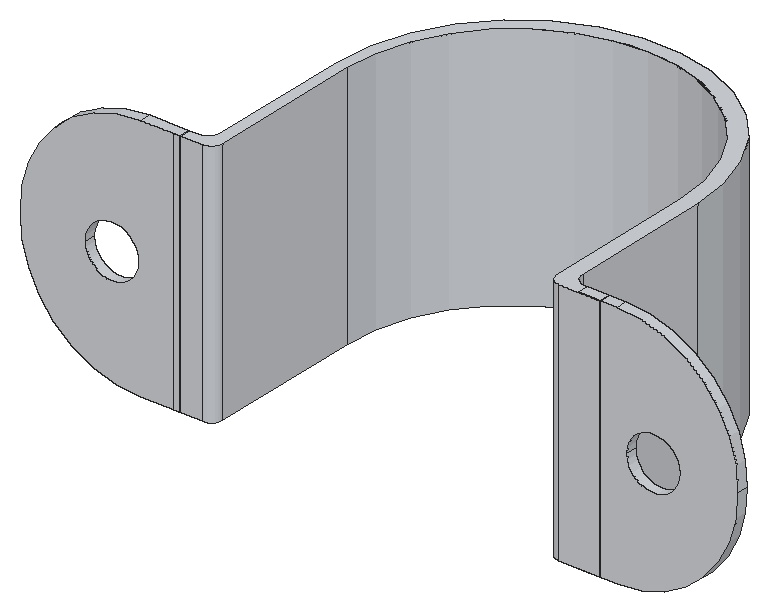
Revit family "PS2B", category Generic Models, Revit 2017
Family settings
  Can host rebar = No
  Round Connector Dimension = Use Diameter
  Part Type = Normal
  Work Plane-Based = Yes
  Always vertical = No
  Cut with Voids When Loaded = No
  Shared = No
  Room Calculation Point = No
Parameters (values of type "NBS Standard Parameters")
  Weight = "0.018Kg"
  WarrantyStartDate [instance] = "1900-12-31T23:59:59"
  WarrantyGuarantorParts = "n/a"
  WarrantyGuarantorLabor = "n/a"
  WarrantyDurationUnit = "year"
  WarrantyDurationParts = "n/a"
  WarrantyDurationLabor = "n/a"
  WarrantyDescription = "n/a"
  Version = "1"
  Uniclass2 = "Pr_65_70_11_20"
  TagNumber [instance] = "n/a"
  SustainabilityPerformance = "n/a"
  Size = "25mm"
  Shape = "n/a"
  SerialNumber [instance] = "n/a"
  Revision = "n/a"
  ReplacementCost = "n/a"
  ProductInformation = "www.metpro.co.uk/pdf/PS2G.pdf"
  NominalWidth = 19 mm
  NominalLength = 60 mm
  NominalHeight = 26 mm
  Name = ""
  NBSTypeID = ""
  NBSReference = "90-55-10/460"
  NBSOfficeMasterTag = ""
  NBSNote = ""
  NBSDescription = "Conduit Fittings"
  NBSCertification = ""
  ModelReference = "PS2B"
  ModelNumber = "n/a"
  Material = "Pressed Steel"
  ManufacturerURL = "www.metpro.co.uk"
  ManufacturerName = "Metpro Ltd"
  Keynote = "Compliant to LU Standard 1-085"
  InstallationDate [instance] = "1900-12-31T23:59:59"
  IfcExportType = ""
  IfcExportAs = ""
  Grade = "n/a"
  Finish = "Black"
  Features = "n/a"
  ExpectedLife = "n/a"
  DurationUnit = "year"
  Description = "PS2B - 25mm Plain Saddle"
  Default Elevation = 1219.2 mm
  Constituents = "n/a"
  Color = "n/a"
  CodePerformance = "n/a"
  Category = "n/a"
  BarCode [instance] = "n/a"
  BIMObjectName = "Metpro_metprolibrary_Conduitfittings_metalcomponent_steelaccessories"
  Author = "Metpro Ltd"
  AssetType = ""
  AssetIdentifier [instance] = "n/a"
  AccessibilityPerformance = "n/a"
Reference planes
  plane 1 "Center (Front/Back)": y = 0
  plane 2: z = 0
  plane 3 "Center (Left/Right)": x = 0
Forms (mm)
  Extrusion 1, solid
    sketch origin (0, 0, 0) x (1, 0, 0) y (0, 1, 0)
      loop
        line (12.5, 3.437) -> (12.5, -8.137)
        arc (12.5, -8.137) -> (12.734, -8.702) -> (13.3, -8.937) r 0.8
        line (13.3, -8.937) -> (16.361, -8.937) -> (16.361, -8.137) -> (14.599, -8.137)
        arc (14.599, -8.137) -> (13.908, -7.851) -> (13.622, -7.16) r 0.977
        line (13.622, -7.16) -> (13.622, 3.607)
        arc (13.622, 3.607) -> (0.122, 17.107) -> (-13.378, 3.607) r 13.5
        line (-13.378, 3.607) -> (-13.378, -7.165)
        arc (-13.378, -7.165) -> (-13.662, -7.852) -> (-14.35, -8.137) r 0.972
        line (-14.35, -8.137) -> (-15.468, -8.137) -> (-15.468, -8.953) -> (-13.355, -8.953)
        arc (-13.355, -8.953) -> (-12.75, -8.703) -> (-12.5, -8.099) r 0.855
        line (-12.5, -8.099) -> (-12.5, 3.438)
        arc (-12.5, 3.438) -> (0, 15.937) -> (12.5, 3.437) r 12.5
    from 0 to 18.5
  Extrusion 2, solid
    sketch origin (-13.378, -8.137, 0) x (-1, 0, 0) y (0, 0, 1)
      loop
        line (4.598, 18.5) -> (1.646, 18.5) -> (1.646, 0) -> (4.615, 0)
        arc (4.615, 0) -> (11.059, 2.723) -> (13.599, 9.241) r 8.987
        arc (13.599, 9.241) -> (11.054, 15.772) -> (4.598, 18.5) r 9.004
      loop
        line (-31.059, 0) -> (-28.144, 0) -> (-28.144, 18.5) -> (-31.033, 18.5)
        arc (-31.033, 18.5) -> (-37.494, 15.771) -> (-40.042, 9.237) r 9.012
        arc (-40.042, 9.237) -> (-37.501, 2.721) -> (-31.059, 0) r 8.986
    from 0 to -0.8
  Extrusion 3, void
    sketch origin (-13.378, -8.937, 0) x (-1, 0, 0) y (0, 0, 1)
      loop
        circle (6.727, 8.987) r 2
      loop
        circle (-33.727, 8.987) r 2
    from 0 to 3.502
Cuts and joins
  Extrusion 3 cuts Extrusion 2
Dimensions and locks
  aligned and locked: level to plane 2
